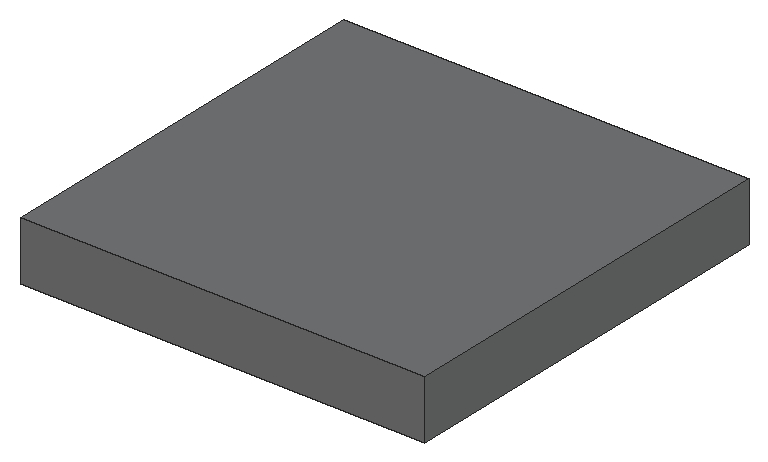
Revit family "Gira_536326", category Electrical Fixtures, host Face, Revit 2017
Family settings
  Host = Face
  Maintain Annotation Orientation = No
  Round Connector Dimension = Use Diameter
  Part Type = Normal
  Cut with Voids When Loaded = No
  Shared = No
  Room Calculation Point = No
Parameters (values of type "S3000 Bedienaufs. Memory System 55 F Alu")
  Werkstoffgüte = "sonstige"
  Werkstoff = "sonstige"
  URL = "http://katalog.gira.de/de_DE/datenblatt.html?artikelnr=536326"
  Transparent = "No"
  Region = "DE"
  Oberfläche = "sonstige"
  Name = "S3000 Bedienaufs. Memory System 55 F Alu"
  Mit LED-Anzeige = "No"
  Mit Abdeckung = "Yes"
  Manufacturer URL = "https://www.gira.de/"
  Keynote = "Sys55_Abdeckung_Schalten und Tasten"
  HeinzeBIM = "https://bimportal.heinze.de/bim/s3000-bedienaufs-memory-system-55-f-alu/9f202e911d8f89eae7fd4a42a35ff853ce25b1ac"
  Halogenfrei = "Yes"
  HAN = "536326"
  Geeignet für Schalteinsatz = "No"
  Geeignet für Jalousieeinsatz = "Yes"
  Geeignet für Dimmeinsatz = "No"
  GTIN = "4010337027362"
  Farbe = "aluminium"
  Default Elevation = 1219.2 mm
  Data sheet (1) = "https://katalog.gira.de/de_DE/download.html?artikelnr=536326"
  Category = "Bedienelement intelligent"
  Available = "Yes"
  Ausführung der Oberfläche = "nicht zutreffend"
  Anzahl der Tasten = "2 "
  Anzahl der Betätigungspunkte = "4 "
  Anwendung = "Steuern elektrischer Verbraucher"
  Anthrazit [instance] = Anthrazit
Reference planes
  plane 1 "Center (Front/Back)": y = 0
  plane 2: z = 0
  plane 3 "Center (Left/Right)": x = 0
Forms (mm)
  Extrusion 1, solid, material "Anthrazit" <- "Anthrazit", detail levels fine
    sketch origin (0, 0, 0) x (1, 0, 0) y (0, 1, 0)
      loop
        line (-27.5, 27.5) -> (-27.5, -27.5) -> (27.5, -27.5) -> (27.5, 27.5) -> (-27.5, 27.5)
    from 0 to 8
  Extrusion 2, void
    sketch origin (0, 0, 0) x (1, 0, 0) y (0, 1, 0)
      loop
        line (26, 26) -> (-26, 26) -> (-26, -26) -> (26, -26) -> (26, 26)
    from 0 to 6
  Extrusion 3, solid, material "Anthrazit" <- "Anthrazit", detail levels medium
    sketch origin (0, 0, 0) x (1, 0, 0) y (0, 1, 0)
      loop
        line (-27.5, 27.5) -> (-27.5, -27.5) -> (27.5, -27.5) -> (27.5, 27.5) -> (-27.5, 27.5)
    from 0 to 8
  Extrusion 4, solid, material "Anthrazit" <- "Anthrazit", detail levels medium
    sketch origin (0, 0, 0) x (1, 0, 0) y (0, 1, 0)
      loop
        line (11, -17.5) -> (11, 17.5) -> (-11, 17.5) -> (-11, -17.5) -> (11, -17.5)
    from -6 to 6
  Extrusion 5, solid, material "Anthrazit" <- "Anthrazit", detail levels fine
    sketch origin (0, 0, 0) x (1, 0, 0) y (0, 1, 0)
      loop
        line (11, 17.5) -> (-11, 17.5) -> (-11, 16.5) -> (11, 16.5) -> (11, 17.5)
      loop
        line (-11, -16.5) -> (-11, -17.5) -> (11, -17.5) -> (11, -16.5) -> (-11, -16.5)
    from -4 to 6
  Extrusion 6, solid, material "Anthrazit" <- "Anthrazit", detail levels fine
    sketch origin (0, 0, 0) x (1, 0, 0) y (0, 1, 0)
      loop
        arc (5, 9.347) -> (0, 10.6) -> (-5, 9.347) r 10.6
        line (-5, 9.347) -> (-5, -9.347)
        arc (-5, -9.347) -> (0, -10.6) -> (5, -9.347) r 10.6
        line (5, -9.347) -> (5, 9.347)
    from -6 to 6
  Extrusion 7, solid, material "Anthrazit" <- "Anthrazit", detail levels coarse
    sketch origin (0, 0, 0) x (1, 0, 0) y (0, 1, 0)
      loop
        line (-27.5, 27.5) -> (-27.5, -27.5) -> (27.5, -27.5) -> (27.5, 27.5) -> (-27.5, 27.5)
    from -6 to 8
Cuts and joins
  Extrusion 2 cuts Extrusion 1
Dimensions and locks
  aligned and locked: plane 2 to host face
  aligned and locked: level to host face
